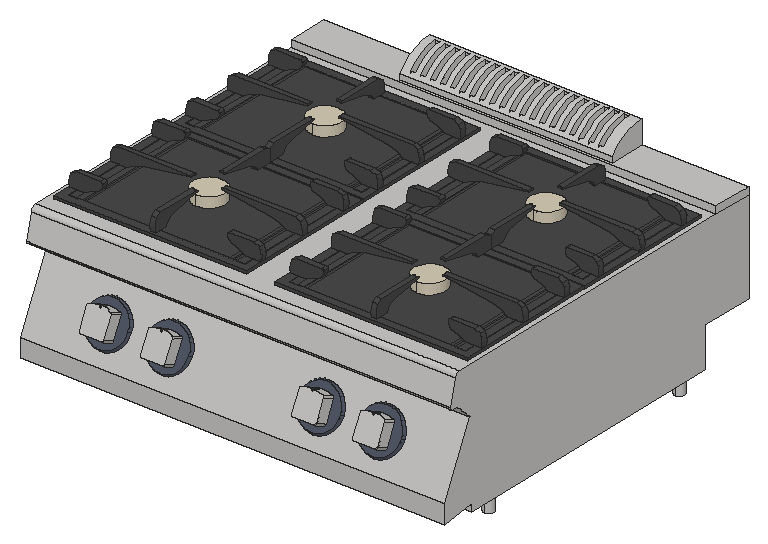
Revit family "QF_ZANUSSI_372147_Z7GCGH4C0A", category Specialty Equipment, Revit 2018
Family settings
  Round Connector Dimension = Use Diameter
  Part Type = Normal
  Work Plane-Based = No
  Always vertical = Yes
  Cut with Voids When Loaded = No
  Shared = No
  Room Calculation Point = No
Parameters (values of type "Standard")
  Weight = 38.00 kg
  Watts = 0 W
  Volts = 0 V
  URL Manufacturer = "http://www.zanussiprofessional.com"
  URL = "http://www.zanussiprofessional.com"
  Steam Supply Size = 0"
  Steam Supply Minimum Pressure = 0.00 psi
  Steam Supply Maximum Pressure = 0.00 psi
  Steam Pounds per Hour = 0
  Show Logo [instance] = yes
  Show Clearance [instance] = yes
  Refrigeration Suction Line Size = 0"
  Refrigeration Liquid Line Size = 0"
  Refrigerant Compressor Remote = yes
  Phase = 0
  Model = "Z7GCGH4C0A"
  Manufacturer = "Zanussi"
  Length Actual = 800 mm  # constant formula
  Item Number = "372147"
  Hot Water Size = 0"
  Height Actual = 250 mm  # constant formula
  HP = "0 HP"
  Gas Size = 1/2"
  Gas KW = 22
  Gas Input Pressure = 0.738606 Btu/h
  Direct Waste Size = 0"
  Description = "4-BURNER GAS BOILING TOP 800 MM (AGA)"
  Depth Actual = 700 mm  # constant formula
  Cycle = 0 Hz
  Condensate Return Size = 0"
  Compressed Air Volume = 0 GPM
  Compressed Air Size = 0"
  Compressed Air Pressure = 0.00 psi
  Cold Water Size = 0"
  Assembly Code = ""
  Accessory = yes
Reference planes
  plane 1 "BACK": y = 0
  plane 2: z = 0
  plane 3 "LEFT": x = 0
  plane 4 "RIGHT": x = 800
  plane 5 "FRONT": y = -715
  plane 6 "TOP": z = 302
  plane 7 "Center Y": x = 400
  plane 8 "Center X": y = -357.5
  plane 9 "Base Height": z = 24
  plane 10: z = 274
  plane 11: z = 332
  plane 12: through (-6096, -654.982, 186.002) normal (0, -0.8956, 0.4448)
Forms (mm)
  Extrusion 1, solid, material "QF_Finishes_Stainless Steel"
    sketch origin (0, 0, 0) x (0, 1, 0) y (0, 0, 1)
      loop
        line (0, 98.613) -> (0, 274.85) -> (-679.358, 274.85)
        arc (-679.358, 274.85) -> (-685.633, 272.251) -> (-688.233, 265.976) r 8.874
        line (-688.233, 265.976) -> (-699.884, 221.036)
        arc (-699.884, 221.036) -> (-699.396, 218.404) -> (-697, 217.209) r 3
        line (-697, 217.209) -> (-686.802, 217.209) -> (-654.982, 185.389) -> (-715, 65.333) -> (-715, 30.333) -> (-654.755, 38.8)
        arc (-654.755, 38.8) -> (-652.231, 38.052) -> (-651.138, 35.656) r 3.175
        line (-651.138, 35.656) -> (-651.138, 24) -> (-103.188, 24) -> (-103.188, 98.613) -> (0, 98.613)
    from 0 to 800
  Extrusion 2, solid, material "QF_Finishes_Stainless Steel"
    sketch origin (0, 0, 0) x (0, 1, 0) y (0, 0, 1)
      loop
        line (0, 274) -> (0, 287.713) -> (-76.2, 287.713) -> (-76.2, 274) -> (0, 274)
    from 0 to 800
  Extrusion 3, solid, material "QF_Finishes_Stainless Steel"
    sketch origin (0, 0, 0) x (1, 0, 0) y (0, 1, 0)
      loop
        circle (11.112, -147.826) r 9.525
      loop
        circle (788.888, -147.826) r 9.525
      loop
        circle (11.112, -598) r 9.525
      loop
        circle (788.888, -598) r 9.525
    from 0 to 23.812
  Extrusion 4, solid, material "QF_Finishes_Clearance", visible <- "Show Clearance", detail levels coarse
    sketch origin (0, 0, 0) x (1, 0, 0) y (0, 1, 0)
      loop
        line (0, -715) -> (0, 0) -> (800, 0) -> (800, -715) -> (900, -715) -> (900, 100) -> (-100, 100) -> (-100, -715) -> (0, -715)
    from 0 to 331.787
  Extrusion 5, void
    sketch origin (234.989, 0, 288.925) x (-1, 0, 0) y (0, -1, 0)
      loop
        line (-335.017, 6.761) -> (-335.017, 63.911) -> (-344.313, 63.911) -> (-344.313, 6.761) -> (-335.017, 6.761)
      loop
        line (-316.325, 6.761) -> (-316.325, 63.911) -> (-325.62, 63.911) -> (-325.62, 6.761) -> (-316.325, 6.761)
      loop
        line (-297.632, 6.761) -> (-297.632, 63.911) -> (-306.928, 63.911) -> (-306.928, 6.761) -> (-297.632, 6.761)
      loop
        line (-278.94, 6.761) -> (-278.94, 63.911) -> (-288.235, 63.911) -> (-288.235, 6.761) -> (-278.94, 6.761)
      loop
        line (-260.247, 6.761) -> (-260.247, 63.911) -> (-269.543, 63.911) -> (-269.543, 6.761) -> (-260.247, 6.761)
      loop
        line (-241.554, 6.761) -> (-241.554, 63.911) -> (-250.85, 63.911) -> (-250.85, 6.761) -> (-241.554, 6.761)
      loop
        line (-222.862, 6.761) -> (-222.862, 63.911) -> (-232.157, 63.911) -> (-232.157, 6.761) -> (-222.862, 6.761)
      loop
        line (-204.169, 6.761) -> (-204.169, 63.911) -> (-213.465, 63.911) -> (-213.465, 6.761) -> (-204.169, 6.761)
      loop
        line (-185.476, 6.761) -> (-185.476, 63.911) -> (-194.772, 63.911) -> (-194.772, 6.761) -> (-185.476, 6.761)
      loop
        line (-166.784, 6.761) -> (-166.784, 63.911) -> (-176.08, 63.911) -> (-176.08, 6.761) -> (-166.784, 6.761)
      loop
        line (-148.091, 6.761) -> (-148.091, 63.911) -> (-157.387, 63.911) -> (-157.387, 6.761) -> (-148.091, 6.761)
      loop
        line (-129.399, 6.761) -> (-129.399, 63.911) -> (-138.694, 63.911) -> (-138.694, 6.761) -> (-129.399, 6.761)
      loop
        line (-110.706, 6.761) -> (-110.706, 63.911) -> (-120.002, 63.911) -> (-120.002, 6.761) -> (-110.706, 6.761)
      loop
        line (-92.013, 6.761) -> (-92.013, 63.911) -> (-101.309, 63.911) -> (-101.309, 6.761) -> (-92.013, 6.761)
      loop
        line (-73.321, 6.761) -> (-73.321, 63.911) -> (-82.617, 63.911) -> (-82.617, 6.761) -> (-73.321, 6.761)
      loop
        line (-54.628, 6.761) -> (-54.628, 63.911) -> (-63.924, 63.911) -> (-63.924, 6.761) -> (-54.628, 6.761)
      loop
        line (-35.936, 6.761) -> (-35.936, 63.911) -> (-45.231, 63.911) -> (-45.231, 6.761) -> (-35.936, 6.761)
      loop
        line (-17.243, 6.761) -> (-17.243, 63.911) -> (-26.539, 63.911) -> (-26.539, 6.761) -> (-17.243, 6.761)
      loop
        line (1.45, 6.761) -> (1.45, 63.911) -> (-7.846, 63.911) -> (-7.846, 6.761) -> (1.45, 6.761)
      loop
        line (20.142, 6.761) -> (20.142, 63.911) -> (10.846, 63.911) -> (10.846, 6.761) -> (20.142, 6.761)
    from 9.525 to 45.348
  Extrusion 6, solid, material "QF_Finishes_Stainless Steel"
    sketch origin (200, 0, 14.288) x (0, 1, 0) y (0, 0, 1)
      loop
        line (0, 273.425) -> (0, 317.712)
        arc (0, 317.712) -> (-39.205, 308.931) -> (-69.85, 282.95) r 84.021
        line (-69.85, 282.95) -> (-69.85, 273.425) -> (0, 273.425)
    from 0 to 400
  Blend 7, solid, material "QF_Finishes_Navy Blue"
    base sketch origin (142.5, -684.991, 125.574) x (1, 0, 0) y (0, 0.444781, 0.895639)
      loop
        circle (0, 0) r 42.5
    top sketch origin (142.5, -684.991, 125.574) x (1, 0, 0) y (0, 0.444781, 0.895639)
      loop
        circle (0, 0) r 40.5
    from 0 to 5
  Extrusion 8, solid, material "QF_Finishes_Stainless Steel"
    sketch origin (142.5, -684.991, 125.574) x (1, 0, 0) y (0, 0.444781, 0.895639)
      loop
        arc (-21.147, 22.789) -> (-22.494, 21.685) -> (-23, 20.019) r 2.997
        line (-23, 20.019) -> (-23, -20.019)
        arc (-23, -20.019) -> (-22.122, -22.138) -> (-20.003, -23.016) r 2.997
        line (-20.003, -23.016) -> (20.003, -23.016)
        arc (20.003, -23.016) -> (22.122, -22.138) -> (23, -20.019) r 2.997
        line (23, -20.019) -> (23, 20.019)
        arc (23, 20.019) -> (22.494, 21.685) -> (21.147, 22.789) r 2.997
        arc (21.147, 22.789) -> (0, 26.984) -> (-21.147, 22.789) r 55.4
    from 10 to 34
  Extrusion 9, solid, material "QF_Plastic-Black-Matte"
    sketch origin (200, -684.991, 125.574) x (0, 0.444781, 0.895639) y (0, -0.895639, 0.444781)
      loop
        line (26.984, 34) -> (26.984, 19) -> (27.984, 19) -> (27.984, 34)
        arc (27.984, 34) -> (27.691, 34.707) -> (26.984, 35) r 1
        line (26.984, 35) -> (23.984, 35) -> (23.984, 34) -> (26.984, 34)
    from -58.5 to -56.5
  Extrusion 10, solid, material "QF_Finishes_Stainless Steel"
    sketch origin (142.5, -684.991, 125.574) x (1, 0, 0) y (0, 0.444781, 0.895639)
      loop
        line (17.5, 17.5) -> (-17.5, 17.5) -> (-17.5, -17.5) -> (17.5, -17.5) -> (17.5, 17.5)
    from 5 to 10
  Extrusion 11, solid, material "QF_Plastic-Black-Matte"
    sketch origin (200, -684.991, 125.574) x (0, 0.444781, 0.895639) y (0, 0.895639, -0.444781)
      loop
        line (26.984, -34) -> (23.984, -34) -> (23.984, -35) -> (26.984, -35)
        arc (26.984, -35) -> (27.691, -34.707) -> (27.984, -34) r 1
        line (27.984, -34) -> (27.984, -19) -> (26.984, -19) -> (26.984, -34)
    from -58.5 to -56.5
  Extrusion 12, solid, material "QF_Finishes_Stainless Steel"
    sketch origin (257.5, -684.991, 125.574) x (-1, 0, 0) y (0, -0.444781, -0.895639)
      loop
        line (17.5, -17.5) -> (17.5, 17.5) -> (-17.5, 17.5) -> (-17.5, -17.5) -> (17.5, -17.5)
    from 5 to 10
  Blend 13, solid, material "QF_Finishes_Navy Blue"
    base sketch origin (257.5, -684.991, 125.574) x (1, 0, 0) y (0, 0.444781, 0.895639)
      loop
        circle (0, 0) r 42.5
    top sketch origin (257.5, -684.991, 125.574) x (1, 0, 0) y (0, 0.444781, 0.895639)
      loop
        circle (0, 0) r 40.5
    from 0 to 5
  Extrusion 14, solid, material "QF_Finishes_Stainless Steel"
    sketch origin (257.5, -684.991, 125.574) x (-1, 0, 0) y (0, -0.444781, -0.895639)
      loop
        arc (-21.147, -22.789) -> (0, -26.984) -> (21.147, -22.789) r 55.4
        arc (21.147, -22.789) -> (22.494, -21.685) -> (23, -20.019) r 2.997
        line (23, -20.019) -> (23, 20.019)
        arc (23, 20.019) -> (22.122, 22.138) -> (20.003, 23.016) r 2.997
        line (20.003, 23.016) -> (-20.003, 23.016)
        arc (-20.003, 23.016) -> (-22.122, 22.138) -> (-23, 20.019) r 2.997
        line (-23, 20.019) -> (-23, -20.019)
        arc (-23, -20.019) -> (-22.494, -21.685) -> (-21.147, -22.789) r 2.997
    from 10 to 34
  Blend 15, solid, material "QF_Finishes_Navy Blue"
    base sketch origin (542.5, -684.991, 125.574) x (1, 0, 0) y (0, 0.444781, 0.895639)
      loop
        circle (0, 0) r 42.5
    top sketch origin (542.5, -684.991, 125.574) x (1, 0, 0) y (0, 0.444781, 0.895639)
      loop
        circle (0, 0) r 40.5
    from 0 to 5
  Extrusion 16, solid, material "QF_Finishes_Stainless Steel"
    sketch origin (542.5, -684.991, 125.574) x (1, 0, 0) y (0, 0.444781, 0.895639)
      loop
        arc (-21.147, 22.789) -> (-22.494, 21.685) -> (-23, 20.019) r 2.997
        line (-23, 20.019) -> (-23, -20.019)
        arc (-23, -20.019) -> (-22.122, -22.138) -> (-20.003, -23.016) r 2.997
        line (-20.003, -23.016) -> (20.003, -23.016)
        arc (20.003, -23.016) -> (22.122, -22.138) -> (23, -20.019) r 2.997
        line (23, -20.019) -> (23, 20.019)
        arc (23, 20.019) -> (22.494, 21.685) -> (21.147, 22.789) r 2.997
        arc (21.147, 22.789) -> (0, 26.984) -> (-21.147, 22.789) r 55.4
    from 10 to 34
  Extrusion 17, solid, material "QF_Plastic-Black-Matte"
    sketch origin (600, -684.991, 125.574) x (0, 0.444781, 0.895639) y (0, -0.895639, 0.444781)
      loop
        line (26.984, 34) -> (26.984, 19) -> (27.984, 19) -> (27.984, 34)
        arc (27.984, 34) -> (27.691, 34.707) -> (26.984, 35) r 1
        line (26.984, 35) -> (23.984, 35) -> (23.984, 34) -> (26.984, 34)
    from -58.5 to -56.5
  Extrusion 18, solid, material "QF_Finishes_Stainless Steel"
    sketch origin (542.5, -684.991, 125.574) x (1, 0, 0) y (0, 0.444781, 0.895639)
      loop
        line (17.5, 17.5) -> (-17.5, 17.5) -> (-17.5, -17.5) -> (17.5, -17.5) -> (17.5, 17.5)
    from 5 to 10
  Extrusion 19, solid, material "QF_Plastic-Black-Matte"
    sketch origin (600, -684.991, 125.574) x (0, 0.444781, 0.895639) y (0, 0.895639, -0.444781)
      loop
        line (26.984, -34) -> (23.984, -34) -> (23.984, -35) -> (26.984, -35)
        arc (26.984, -35) -> (27.691, -34.707) -> (27.984, -34) r 1
        line (27.984, -34) -> (27.984, -19) -> (26.984, -19) -> (26.984, -34)
    from -58.5 to -56.5
  Extrusion 20, solid, material "QF_Finishes_Stainless Steel"
    sketch origin (657.5, -684.991, 125.574) x (-1, 0, 0) y (0, -0.444781, -0.895639)
      loop
        line (17.5, -17.5) -> (17.5, 17.5) -> (-17.5, 17.5) -> (-17.5, -17.5) -> (17.5, -17.5)
    from 5 to 10
  Blend 21, solid, material "QF_Finishes_Navy Blue"
    base sketch origin (657.5, -684.991, 125.574) x (1, 0, 0) y (0, 0.444781, 0.895639)
      loop
        circle (0, 0) r 42.5
    top sketch origin (657.5, -684.991, 125.574) x (1, 0, 0) y (0, 0.444781, 0.895639)
      loop
        circle (0, 0) r 40.5
    from 0 to 5
  Extrusion 22, solid, material "QF_Finishes_Stainless Steel"
    sketch origin (657.5, -684.991, 125.574) x (-1, 0, 0) y (0, -0.444781, -0.895639)
      loop
        arc (-21.147, -22.789) -> (0, -26.984) -> (21.147, -22.789) r 55.4
        arc (21.147, -22.789) -> (22.494, -21.685) -> (23, -20.019) r 2.997
        line (23, -20.019) -> (23, 20.019)
        arc (23, 20.019) -> (22.122, 22.138) -> (20.003, 23.016) r 2.997
        line (20.003, 23.016) -> (-20.003, 23.016)
        arc (-20.003, 23.016) -> (-22.122, 22.138) -> (-23, 20.019) r 2.997
        line (-23, 20.019) -> (-23, -20.019)
        arc (-23, -20.019) -> (-22.494, -21.685) -> (-21.147, -22.789) r 2.997
    from 10 to 34
  Extrusion 23, solid, material "QF_Finishes_Stainless Steel"
    sketch origin (0, 0, 0) x (1, 0, 0) y (0, 0, 1)
      loop
        circle (747, 57) r 6.35
    from 83.2 to 103.2
Cuts and joins
  Extrusion 5 cuts Extrusion 4
  Extrusion 5 cuts Extrusion 6
Lines and regions (mm)
  Split face 1
    outline origin (142.5, -689.469, 127.797) x (1, 0, 0) y (0, 0.444781, 0.895639)
      loop
        circle (-33, 0) r 3
  Split face 2
    outline origin (263.401, -689.469, 127.797) x (1, 0, 0) y (0, 0.444781, 0.895639)
      loop
        line (-8.901, 38.561) -> (-8.901, 28.561) -> (-2.901, 28.561) -> (-2.901, 38.561) -> (-8.901, 38.561)
  Split face 3
    outline origin (263.401, -689.469, 127.797) x (1, 0, 0) y (0, 0.444781, 0.895639)
      loop
        line (-8.401, 38.061) -> (-8.401, 29.061) -> (-3.401, 29.061) -> (-3.401, 38.061) -> (-8.401, 38.061)
  Split face 4
    outline origin (263.401, -689.469, 127.797) x (1, 0, 0) y (0, 0.444781, 0.895639)
      loop
        line (-8.401, 33.561) -> (-3.401, 33.561)
  Split face 5
    outline origin (263.401, -689.469, 127.797) x (1, 0, 0) y (0, 0.444781, 0.895639)
      loop
        line (-8.401, 33.061) -> (-3.401, 33.061)
  Split face 6
    outline origin (148.401, -689.469, 127.797) x (1, 0, 0) y (0, 0.444781, 0.895639)
      loop
        line (-8.901, 38.561) -> (-8.901, 28.561) -> (-2.901, 28.561) -> (-2.901, 38.561) -> (-8.901, 38.561)
  Split face 7
    outline origin (148.401, -689.469, 127.797) x (1, 0, 0) y (0, 0.444781, 0.895639)
      loop
        line (-8.401, 38.061) -> (-8.401, 29.061) -> (-3.401, 29.061) -> (-3.401, 38.061) -> (-8.401, 38.061)
  Split face 8
    outline origin (148.401, -689.469, 127.797) x (1, 0, 0) y (0, 0.444781, 0.895639)
      loop
        line (-8.401, 34.061) -> (-3.401, 34.061)
  Split face 9
    outline origin (148.401, -689.469, 127.797) x (1, 0, 0) y (0, 0.444781, 0.895639)
      loop
        line (-8.401, 33.561) -> (-3.401, 33.561)
  Split face 10
    outline origin (168.157, -675.159, 156.613) x (-1, 0, 0) y (0, -0.444781, -0.895639)
      loop
        circle (43.456, 61.543) r 1.5
  Split face 11
    outline origin (148.401, -689.469, 127.797) x (1, 0, 0) y (0, 0.444781, 0.895639)
      loop
        circle (-5.901, 31.311) r 2.029
  Split face 12
    outline origin (263.401, -689.469, 127.797) x (1, 0, 0) y (0, 0.444781, 0.895639)
      loop
        circle (-5.901, 35.811) r 2.031
  Split face 13
    outline origin (142.5, -689.469, 127.797) x (1, 0, 0) y (0, 0.444781, 0.895639)
      loop
        circle (-24.487, 26.694) r 3.497
  Split face 14
    outline origin (257.5, -689.469, 127.797) x (1, 0, 0) y (0, 0.444781, 0.895639)
      loop
        circle (-24.487, 26.694) r 3.497
  Split face 15
    outline origin (257.5, -689.469, 127.797) x (1, 0, 0) y (0, 0.444781, 0.895639)
      loop
        circle (-33, 0) r 3
  Split face 16
    outline origin (257.5, -689.469, 127.797) x (1, 0, 0) y (0, 0.444781, 0.895639)
      loop
        circle (-17.8, -29.371) r 1.5
  Split face 17
    outline origin (542.5, -689.469, 127.797) x (1, 0, 0) y (0, 0.444781, 0.895639)
      loop
        circle (-33, 0) r 3
  Split face 18
    outline origin (663.401, -689.469, 127.797) x (1, 0, 0) y (0, 0.444781, 0.895639)
      loop
        line (-8.901, 38.561) -> (-8.901, 28.561) -> (-2.901, 28.561) -> (-2.901, 38.561) -> (-8.901, 38.561)
  Split face 19
    outline origin (663.401, -689.469, 127.797) x (1, 0, 0) y (0, 0.444781, 0.895639)
      loop
        line (-8.401, 38.061) -> (-8.401, 29.061) -> (-3.401, 29.061) -> (-3.401, 38.061) -> (-8.401, 38.061)
  Split face 20
    outline origin (663.401, -689.469, 127.797) x (1, 0, 0) y (0, 0.444781, 0.895639)
      loop
        line (-8.401, 33.561) -> (-3.401, 33.561)
  Split face 21
    outline origin (663.401, -689.469, 127.797) x (1, 0, 0) y (0, 0.444781, 0.895639)
      loop
        line (-8.401, 33.061) -> (-3.401, 33.061)
  Split face 22
    outline origin (548.401, -689.469, 127.797) x (1, 0, 0) y (0, 0.444781, 0.895639)
      loop
        line (-8.901, 38.561) -> (-8.901, 28.561) -> (-2.901, 28.561) -> (-2.901, 38.561) -> (-8.901, 38.561)
  Split face 23
    outline origin (548.401, -689.469, 127.797) x (1, 0, 0) y (0, 0.444781, 0.895639)
      loop
        line (-8.401, 38.061) -> (-8.401, 29.061) -> (-3.401, 29.061) -> (-3.401, 38.061) -> (-8.401, 38.061)
  Split face 24
    outline origin (548.401, -689.469, 127.797) x (1, 0, 0) y (0, 0.444781, 0.895639)
      loop
        line (-8.401, 34.061) -> (-3.401, 34.061)
  Split face 25
    outline origin (548.401, -689.469, 127.797) x (1, 0, 0) y (0, 0.444781, 0.895639)
      loop
        line (-8.401, 33.561) -> (-3.401, 33.561)
  Split face 26
    outline origin (568.157, -675.159, 156.613) x (-1, 0, 0) y (0, -0.444781, -0.895639)
      loop
        circle (43.456, 61.543) r 1.5
  Split face 27
    outline origin (548.401, -689.469, 127.797) x (1, 0, 0) y (0, 0.444781, 0.895639)
      loop
        circle (-5.901, 31.311) r 2.029
  Split face 28
    outline origin (663.401, -689.469, 127.797) x (1, 0, 0) y (0, 0.444781, 0.895639)
      loop
        circle (-5.901, 35.811) r 2.031
  Split face 29
    outline origin (542.5, -689.469, 127.797) x (1, 0, 0) y (0, 0.444781, 0.895639)
      loop
        circle (-24.487, 26.694) r 3.497
  Split face 30
    outline origin (657.5, -689.469, 127.797) x (1, 0, 0) y (0, 0.444781, 0.895639)
      loop
        circle (-24.487, 26.694) r 3.497
  Split face 31
    outline origin (657.5, -689.469, 127.797) x (1, 0, 0) y (0, 0.444781, 0.895639)
      loop
        circle (-33, 0) r 3
  Split face 32
    outline origin (657.5, -689.469, 127.797) x (1, 0, 0) y (0, 0.444781, 0.895639)
      loop
        circle (-17.8, -29.371) r 1.5
  symbolic lines
    curve 1: line (0, 0, 0) -> (0, -715.129, 0)
    curve 2: line (800, 0, 0) -> (0, 0, 0)
    curve 3: line (800, -715.129, 0) -> (800, 0, 0)
    curve 4: line (0, -76.2, 0) -> (800, -76.2, 0)
    curve 5: line (0, -69.85, 0) -> (800, -69.85, 0)
    curve 9: line (214.847, -63.911, 0) -> (214.847, -6.761, 0)
    curve 10: line (214.847, -6.761, 0) -> (224.143, -6.761, 0)
    curve 11: line (224.143, -6.761, 0) -> (224.143, -63.911, 0)
    curve 12: line (224.143, -63.911, 0) -> (214.847, -63.911, 0)
    curve 13: line (233.539, -63.911, 0) -> (233.539, -6.761, 0)
    curve 14: line (233.539, -6.761, 0) -> (242.835, -6.761, 0)
    curve 15: line (242.835, -6.761, 0) -> (242.835, -63.911, 0)
    curve 16: line (242.835, -63.911, 0) -> (233.539, -63.911, 0)
    curve 17: line (252.232, -63.911, 0) -> (252.232, -6.761, 0)
    curve 18: line (252.232, -6.761, 0) -> (261.528, -6.761, 0)
    curve 19: line (261.528, -6.761, 0) -> (261.528, -63.911, 0)
    curve 20: line (261.528, -63.911, 0) -> (252.232, -63.911, 0)
    curve 21: line (270.925, -63.911, 0) -> (270.925, -6.761, 0)
    curve 22: line (270.925, -6.761, 0) -> (280.22, -6.761, 0)
    curve 23: line (280.22, -6.761, 0) -> (280.22, -63.911, 0)
    curve 24: line (280.22, -63.911, 0) -> (270.925, -63.911, 0)
    curve 25: line (289.617, -63.911, 0) -> (289.617, -6.761, 0)
    curve 26: line (289.617, -6.761, 0) -> (298.913, -6.761, 0)
    curve 27: line (298.913, -6.761, 0) -> (298.913, -63.911, 0)
    curve 28: line (298.913, -63.911, 0) -> (289.617, -63.911, 0)
    curve 29: line (308.31, -63.911, 0) -> (308.31, -6.761, 0)
    curve 30: line (308.31, -6.761, 0) -> (317.606, -6.761, 0)
    curve 31: line (317.606, -6.761, 0) -> (317.606, -63.911, 0)
    curve 32: line (317.606, -63.911, 0) -> (308.31, -63.911, 0)
    curve 33: line (327.002, -63.911, 0) -> (327.002, -6.761, 0)
    curve 34: line (327.002, -6.761, 0) -> (336.298, -6.761, 0)
    curve 35: line (336.298, -6.761, 0) -> (336.298, -63.911, 0)
    curve 36: line (336.298, -63.911, 0) -> (327.002, -63.911, 0)
    curve 37: line (345.695, -63.911, 0) -> (345.695, -6.761, 0)
    curve 38: line (345.695, -6.761, 0) -> (354.991, -6.761, 0)
    curve 39: line (354.991, -6.761, 0) -> (354.991, -63.911, 0)
    curve 40: line (354.991, -63.911, 0) -> (345.695, -63.911, 0)
    curve 41: line (364.388, -63.911, 0) -> (364.388, -6.761, 0)
    curve 42: line (364.388, -6.761, 0) -> (373.683, -6.761, 0)
    curve 43: line (373.683, -6.761, 0) -> (373.683, -63.911, 0)
    curve 44: line (373.683, -63.911, 0) -> (364.388, -63.911, 0)
    curve 45: line (383.08, -63.911, 0) -> (383.08, -6.761, 0)
    curve 46: line (383.08, -6.761, 0) -> (392.376, -6.761, 0)
    curve 47: line (392.376, -6.761, 0) -> (392.376, -63.911, 0)
    curve 48: line (392.376, -63.911, 0) -> (383.08, -63.911, 0)
    curve 49: line (401.773, -63.911, 0) -> (401.773, -6.761, 0)
    curve 50: line (401.773, -6.761, 0) -> (411.069, -6.761, 0)
    curve 51: line (411.069, -6.761, 0) -> (411.069, -63.911, 0)
    curve 52: line (411.069, -63.911, 0) -> (401.773, -63.911, 0)
    curve 53: line (420.466, -63.911, 0) -> (420.466, -6.761, 0)
    curve 54: line (420.466, -6.761, 0) -> (429.761, -6.761, 0)
    curve 55: line (429.761, -6.761, 0) -> (429.761, -63.911, 0)
    curve 56: line (429.761, -63.911, 0) -> (420.466, -63.911, 0)
    curve 57: line (439.158, -63.911, 0) -> (439.158, -6.761, 0)
    curve 58: line (439.158, -6.761, 0) -> (448.454, -6.761, 0)
    curve 59: line (448.454, -6.761, 0) -> (448.454, -63.911, 0)
    curve 60: line (448.454, -63.911, 0) -> (439.158, -63.911, 0)
    curve 61: line (570.006, -63.911, 0) -> (570.006, -6.761, 0)
    curve 62: line (570.006, -6.761, 0) -> (579.302, -6.761, 0)
    curve 63: line (579.302, -6.761, 0) -> (579.302, -63.911, 0)
    curve 64: line (579.302, -63.911, 0) -> (570.006, -63.911, 0)
    curve 65: line (551.314, -63.911, 0) -> (551.314, -6.761, 0)
    curve 66: line (551.314, -6.761, 0) -> (560.61, -6.761, 0)
    curve 67: line (560.61, -6.761, 0) -> (560.61, -63.911, 0)
    curve 68: line (560.61, -63.911, 0) -> (551.314, -63.911, 0)
    curve 69: line (532.621, -63.911, 0) -> (532.621, -6.761, 0)
    curve 70: line (532.621, -6.761, 0) -> (541.917, -6.761, 0)
    curve 71: line (541.917, -6.761, 0) -> (541.917, -63.911, 0)
    curve 72: line (541.917, -63.911, 0) -> (532.621, -63.911, 0)
    curve 73: line (513.929, -63.911, 0) -> (513.929, -6.761, 0)
    curve 74: line (513.929, -6.761, 0) -> (523.224, -6.761, 0)
    curve 75: line (523.224, -6.761, 0) -> (523.224, -63.911, 0)
    curve 76: line (523.224, -63.911, 0) -> (513.929, -63.911, 0)
    curve 77: line (495.236, -63.911, 0) -> (495.236, -6.761, 0)
    curve 78: line (495.236, -6.761, 0) -> (504.532, -6.761, 0)
    curve 79: line (504.532, -6.761, 0) -> (504.532, -63.911, 0)
    curve 80: line (504.532, -63.911, 0) -> (495.236, -63.911, 0)
    curve 81: line (476.543, -63.911, 0) -> (476.543, -6.761, 0)
    curve 82: line (476.543, -6.761, 0) -> (485.839, -6.761, 0)
    curve 83: line (485.839, -6.761, 0) -> (485.839, -63.911, 0)
    curve 84: line (485.839, -63.911, 0) -> (476.543, -63.911, 0)
    curve 85: line (457.851, -63.911, 0) -> (457.851, -6.761, 0)
    curve 86: line (457.851, -6.761, 0) -> (467.146, -6.761, 0)
    curve 87: line (467.146, -6.761, 0) -> (467.146, -63.911, 0)
    curve 88: line (467.146, -63.911, 0) -> (457.851, -63.911, 0)
    curve 89: line (0, -700, 0) -> (400.05, -700, 0)
    curve 90: line (119.525, -700, 0) -> (119.525, -724.347, 0)
    curve 91: arc (119.525, -724.347, 0) -> (119.671, -724.811, 0) -> (120.057, -725.107, 0) r 0.809
    curve 92: arc (120.057, -725.107, 0) -> (121.245, -725.587, 0) -> (122.522, -725.68, 0) r 4.127
    curve 93: arc (119.525, -704.292, 0) -> (114.484, -702.458, 0) -> (109.716, -700, 0) r 42.24
    curve 94: arc (119.525, -706.539, 0) -> (120.027, -705.818, 0) -> (120.824, -705.448, 0) r 1.682
    curve 95: arc (120.824, -705.448, 0) -> (131.127, -703.95, 0) -> (141.525, -703.441, 0) r 109.079
    curve 96: line (141.525, -700, 0) -> (141.525, -705.671, 0)
    curve 97: line (141.525, -705.671, 0) -> (143.525, -705.671, 0)
    curve 98: line (143.525, -705.671, 0) -> (143.525, -700, 0)
    curve 99: line (165.525, -700, 0) -> (165.525, -724.347, 0)
    curve 100: arc (165.525, -724.347, 0) -> (165.379, -724.811, 0) -> (164.993, -725.107, 0) r 0.809
    curve 101: arc (164.993, -725.107, 0) -> (163.805, -725.587, 0) -> (162.528, -725.68, 0) r 4.127
    curve 102: arc (165.525, -704.292, 0) -> (170.566, -702.458, 0) -> (175.334, -700, 0) r 42.24
    curve 103: arc (165.525, -706.539, 0) -> (165.023, -705.818, 0) -> (164.226, -705.448, 0) r 1.682
    curve 104: arc (164.226, -705.448, 0) -> (153.923, -703.95, 0) -> (143.525, -703.441, 0) r 109.079
    curve 105: line (122.522, -725.68, 0) -> (162.528, -725.68, 0)
    curve 106: line (280.525, -700, 0) -> (280.525, -724.347, 0)
    curve 107: arc (280.525, -724.347, 0) -> (280.379, -724.811, 0) -> (279.993, -725.107, 0) r 0.809
    curve 108: arc (279.993, -725.107, 0) -> (278.805, -725.587, 0) -> (277.528, -725.68, 0) r 4.127
    curve 109: arc (280.525, -704.292, 0) -> (285.566, -702.458, 0) -> (290.334, -700, 0) r 42.24
    curve 110: arc (280.525, -706.539, 0) -> (280.023, -705.818, 0) -> (279.226, -705.448, 0) r 1.682
    curve 111: arc (279.226, -705.448, 0) -> (268.923, -703.95, 0) -> (258.525, -703.441, 0) r 109.079
    curve 112: line (258.525, -700, 0) -> (258.525, -705.671, 0)
    curve 113: line (258.525, -705.671, 0) -> (256.525, -705.671, 0)
    curve 114: line (256.525, -705.671, 0) -> (256.525, -700, 0)
    curve 115: line (234.525, -700, 0) -> (234.525, -724.347, 0)
    curve 116: arc (234.525, -724.347, 0) -> (234.671, -724.811, 0) -> (235.057, -725.107, 0) r 0.809
    curve 117: arc (235.057, -725.107, 0) -> (236.245, -725.587, 0) -> (237.522, -725.68, 0) r 4.127
    curve 118: arc (234.525, -704.292, 0) -> (229.484, -702.458, 0) -> (224.716, -700, 0) r 42.24
    curve 119: arc (234.525, -706.539, 0) -> (235.027, -705.818, 0) -> (235.824, -705.448, 0) r 1.682
    curve 120: arc (235.824, -705.448, 0) -> (246.127, -703.95, 0) -> (256.525, -703.441, 0) r 109.079
    curve 121: line (277.528, -725.68, 0) -> (237.522, -725.68, 0)
    curve 122: line (165.525, -715, 0) -> (234.525, -715, 0)
    curve 123: line (280.525, -715, 0) -> (400.05, -715, 0)
    curve 124: line (0, -715, 0) -> (119.525, -715, 0)
    curve 125: line (400.05, -700, 0) -> (800.05, -700, 0)
    curve 126: line (519.525, -700, 0) -> (519.525, -724.347, 0)
    curve 127: arc (519.525, -724.347, 0) -> (519.671, -724.811, 0) -> (520.057, -725.107, 0) r 0.809
    curve 128: arc (520.057, -725.107, 0) -> (521.245, -725.587, 0) -> (522.522, -725.68, 0) r 4.127
    curve 129: arc (519.525, -704.292, 0) -> (514.484, -702.458, 0) -> (509.716, -700, 0) r 42.24
    curve 130: arc (519.525, -706.539, 0) -> (520.027, -705.818, 0) -> (520.824, -705.448, 0) r 1.682
    curve 131: arc (520.824, -705.448, 0) -> (531.127, -703.95, 0) -> (541.525, -703.441, 0) r 109.079
    curve 132: line (541.525, -700, 0) -> (541.525, -705.671, 0)
    curve 133: line (541.525, -705.671, 0) -> (543.525, -705.671, 0)
    curve 134: line (543.525, -705.671, 0) -> (543.525, -700, 0)
    curve 135: line (565.525, -700, 0) -> (565.525, -724.347, 0)
    curve 136: arc (565.525, -724.347, 0) -> (565.379, -724.811, 0) -> (564.993, -725.107, 0) r 0.809
    curve 137: arc (564.993, -725.107, 0) -> (563.805, -725.587, 0) -> (562.528, -725.68, 0) r 4.127
    curve 138: arc (565.525, -704.292, 0) -> (570.566, -702.458, 0) -> (575.334, -700, 0) r 42.24
    curve 139: arc (565.525, -706.539, 0) -> (565.023, -705.818, 0) -> (564.226, -705.448, 0) r 1.682
    curve 140: arc (564.226, -705.448, 0) -> (553.923, -703.95, 0) -> (543.525, -703.441, 0) r 109.079
    curve 141: line (522.522, -725.68, 0) -> (562.528, -725.68, 0)
    curve 142: line (680.525, -700, 0) -> (680.525, -724.347, 0)
    curve 143: arc (680.525, -724.347, 0) -> (680.379, -724.811, 0) -> (679.993, -725.107, 0) r 0.809
    curve 144: arc (679.993, -725.107, 0) -> (678.805, -725.587, 0) -> (677.528, -725.68, 0) r 4.127
    curve 145: arc (680.525, -704.292, 0) -> (685.566, -702.458, 0) -> (690.334, -700, 0) r 42.24
    curve 146: arc (680.525, -706.539, 0) -> (680.023, -705.818, 0) -> (679.226, -705.448, 0) r 1.682
    curve 147: arc (679.226, -705.448, 0) -> (668.923, -703.95, 0) -> (658.525, -703.441, 0) r 109.079
    curve 148: line (658.525, -700, 0) -> (658.525, -705.671, 0)
    curve 149: line (658.525, -705.671, 0) -> (656.525, -705.671, 0)
    curve 150: line (656.525, -705.671, 0) -> (656.525, -700, 0)
    curve 151: line (634.525, -700, 0) -> (634.525, -724.347, 0)
    curve 152: arc (634.525, -724.347, 0) -> (634.671, -724.811, 0) -> (635.057, -725.107, 0) r 0.809
    curve 153: arc (635.057, -725.107, 0) -> (636.245, -725.587, 0) -> (637.522, -725.68, 0) r 4.127
    curve 154: arc (634.525, -704.292, 0) -> (629.484, -702.458, 0) -> (624.716, -700, 0) r 42.24
    curve 155: arc (634.525, -706.539, 0) -> (635.027, -705.818, 0) -> (635.824, -705.448, 0) r 1.682
    curve 156: arc (635.824, -705.448, 0) -> (646.127, -703.95, 0) -> (656.525, -703.441, 0) r 109.079
    curve 157: line (677.528, -725.68, 0) -> (637.522, -725.68, 0)
    curve 158: line (565.525, -715, 0) -> (634.525, -715, 0)
    curve 159: line (680.525, -715, 0) -> (800.05, -715, 0)
    curve 160: line (400.05, -715, 0) -> (519.525, -715, 0)
  symbolic lines, style "QF-Clearances", visible <- "Show Clearance", detail levels coarse
    curve 6: line (-100, -715, 0) -> (-100, 100, 0)
    curve 7: line (-100, 100, 0) -> (900, 100, 0)
    curve 8: line (900, 100, 0) -> (900, -715, 0)
Dimensions and locks
  equal spacing: plane 3 "LEFT", plane 7 "Center Y", plane 4 "RIGHT"
  plane 3 "LEFT" to plane 4 "RIGHT" = 800 mm
  equal spacing: plane 5 "FRONT", plane 8 "Center X", plane 1 "BACK"
  plane 5 "FRONT" to plane 1 "BACK" = 715 mm
  plane 9 "Base Height" to level = 24 mm
  plane 10 to plane 9 "Base Height" = 250 mm
  plane 6 "TOP" to plane 10 = 28 mm
  plane 11 to level = 332 mm
  aligned and locked: level to plane 2
Automatic sketch dimensions
  Extrusion 2 sketch curve to plane 10 = 0 mm
  Extrusion 2 sketch curve to plane 1 "BACK" = 0 mm
  Extrusion 2 sketch curve to plane 6 "TOP" = 14.287 mm
  plane 1 "BACK" to Extrusion 2 sketch curve = 76.2 mm
  plane 5 "FRONT" to Extrusion 4 sketch curve = 0 mm  (x2)
  plane 1 "BACK" to Extrusion 4 sketch curve = 0 mm
  Extrusion 4 sketch curve to plane 3 "LEFT" = 0 mm
  Extrusion 4 sketch curve to plane 4 "RIGHT" = 0 mm
  Extrusion 4 sketch curve to plane 3 "LEFT" = 100 mm
  plane 4 "RIGHT" to Extrusion 4 sketch curve = 100 mm
  Extrusion 4 sketch curve to plane 1 "BACK" = 100 mm
  plane 1 "BACK" to Extrusion 5 sketch curve = 6.761 mm  (x20)
  plane 7 "Center Y" to Extrusion 5 sketch curve = 179.302 mm
  Extrusion 5 sketch curve to Extrusion 5 sketch curve = 9.296 mm  (x19)
  Extrusion 5 sketch curve to Extrusion 5 sketch curve = 9.397 mm  (x18)
  plane 7 "Center Y" to Extrusion 5 sketch curve = 1.773 mm
  Extrusion 5 sketch curve to plane 7 "Center Y" = 7.624 mm
  Extrusion 5 sketch curve to Extrusion 5 sketch curve = 57.15 mm
  Extrusion 5 sketch curve to Extrusion 5 sketch curve = 0 mm  (x19)
  Extrusion 6 sketch curve to plane 1 "BACK" = 0 mm
  Extrusion 6 sketch curve to plane 11 = 0 mm
  plane 1 "BACK" to Extrusion 6 sketch curve = 1.769 mm
  Extrusion 6 sketch curve to plane 6 "TOP" = 4.763 mm
  plane 1 "BACK" to Extrusion 6 sketch curve = 69.85 mm
  Extrusion 6 sketch curve to plane 6 "TOP" = 14.287 mm
  plane 1 "BACK" to Extrusion 1 sketch curve = 103.188 mm
  Extrusion 1 sketch curve to plane 5 "FRONT" = 63.862 mm
  Extrusion 1 sketch curve to Extrusion 1 sketch curve = 3.175 mm
  Extrusion 1 sketch curve to Extrusion 1 sketch curve = 0.442 mm
  Extrusion 1 sketch curve to plane 10 = 88.611 mm
  Extrusion 1 sketch curve to plane 5 "FRONT" = 60.018 mm
  Extrusion 1 sketch curve to plane 11 = 57.15 mm
  Extrusion 1 sketch curve to plane 5 "FRONT" = 35.642 mm
  Extrusion 1 sketch curve to plane 10 = 56.791 mm
  Extrusion 1 sketch curve to Extrusion 1 sketch curve = 31.82 mm
  Extrusion 1 sketch curve to plane 6 "TOP" = 36.024 mm
  Extrusion 1 sketch curve to Extrusion 1 sketch curve = 10.198 mm
  Extrusion 1 sketch curve to plane 10 = 52.964 mm
  Extrusion 1 sketch curve to Extrusion 1 sketch curve = 2.884 mm
  Extrusion 1 sketch curve to plane 5 "FRONT" = 0 mm
  Extrusion 1 sketch curve to plane 1 "BACK" = 0 mm
  plane 9 "Base Height" to Extrusion 1 sketch curve = 0 mm
  plane 9 "Base Height" to Extrusion 1 sketch curve = 6.333 mm
  Extrusion 1 sketch curve to Extrusion 1 sketch curve = 11.656 mm
  Extrusion 1 sketch curve to Extrusion 1 sketch curve = 35 mm
  Extrusion 1 sketch curve to Extrusion 1 sketch curve = 74.613 mm
  Extrusion 8 sketch curve to Extrusion 8 sketch curve = 2.997 mm  (x4)
  Extrusion 8 sketch curve to Extrusion 8 sketch curve = 20.003 mm  (x2)
  Extrusion 8 sketch curve to Extrusion 8 sketch curve = 0 mm  (x2)
  Extrusion 9 sketch curve to Extrusion 9 sketch curve = 3 mm
  Extrusion 9 sketch curve to Extrusion 9 sketch curve = 0 mm  (x2)
  Extrusion 9 sketch curve to Extrusion 9 sketch curve = 1 mm
  Extrusion 10 sketch curve to Extrusion 10 sketch curve = 35 mm  (x2)
  Extrusion 11 sketch curve to Extrusion 11 sketch curve = 3 mm
  Extrusion 11 sketch curve to Extrusion 11 sketch curve = 0 mm
  Extrusion 11 sketch curve to Extrusion 11 sketch curve = 1 mm  (x2)
  Extrusion 12 sketch curve to Extrusion 12 sketch curve = 35 mm  (x2)
  Extrusion 14 sketch curve to Extrusion 14 sketch curve = 2.997 mm  (x4)
  Extrusion 14 sketch curve to Extrusion 14 sketch curve = 20.003 mm  (x2)
  Extrusion 14 sketch curve to Extrusion 14 sketch curve = 0 mm  (x2)
  Extrusion 8 sketch curve to Extrusion 8 sketch curve = 5.399 mm
  Extrusion 8 sketch curve to Extrusion 8 sketch curve = 40.037 mm
  Extrusion 9 sketch curve to Extrusion 9 sketch curve = 15 mm
  Extrusion 11 sketch curve to Extrusion 11 sketch curve = 15 mm
  Extrusion 14 sketch curve to Extrusion 14 sketch curve = 5.399 mm
  Extrusion 14 sketch curve to Extrusion 14 sketch curve = 40.037 mm
  Split face 2 sketch curve to Split face 2 sketch curve = 6 mm
  Split face 2 sketch curve to Split face 2 sketch curve = 10 mm
  Split face 3 sketch curve to Split face 3 sketch curve = 5 mm
  Split face 3 sketch curve to Split face 3 sketch curve = 9 mm
  Split face 4 sketch curve to Split face 4 sketch curve = 5 mm
  Split face 5 sketch curve to Split face 5 sketch curve = 5 mm
  Split face 6 sketch curve to Split face 6 sketch curve = 6 mm
  Split face 6 sketch curve to Split face 6 sketch curve = 10 mm
  Split face 7 sketch curve to Split face 7 sketch curve = 5 mm
  Split face 7 sketch curve to Split face 7 sketch curve = 9 mm
  Split face 8 sketch curve to Split face 8 sketch curve = 5 mm
  Split face 9 sketch curve to Split face 9 sketch curve = 5 mm
  Extrusion 16 sketch curve to Extrusion 16 sketch curve = 2.997 mm  (x4)
  Extrusion 16 sketch curve to Extrusion 16 sketch curve = 20.003 mm  (x2)
  Extrusion 16 sketch curve to Extrusion 16 sketch curve = 0 mm  (x2)
  Extrusion 17 sketch curve to Extrusion 17 sketch curve = 3 mm
  Extrusion 17 sketch curve to Extrusion 17 sketch curve = 0 mm  (x2)
  Extrusion 17 sketch curve to Extrusion 17 sketch curve = 1 mm
  Extrusion 18 sketch curve to Extrusion 18 sketch curve = 35 mm  (x2)
  Extrusion 19 sketch curve to Extrusion 19 sketch curve = 3 mm
  Extrusion 19 sketch curve to Extrusion 19 sketch curve = 0 mm
  Extrusion 19 sketch curve to Extrusion 19 sketch curve = 1 mm  (x2)
  Extrusion 20 sketch curve to Extrusion 20 sketch curve = 35 mm  (x2)
  Extrusion 22 sketch curve to Extrusion 22 sketch curve = 2.997 mm  (x4)
  Extrusion 22 sketch curve to Extrusion 22 sketch curve = 20.003 mm  (x2)
  Extrusion 22 sketch curve to Extrusion 22 sketch curve = 0 mm  (x2)
  Extrusion 16 sketch curve to Extrusion 16 sketch curve = 5.399 mm
  Extrusion 16 sketch curve to Extrusion 16 sketch curve = 40.037 mm
  Extrusion 17 sketch curve to Extrusion 17 sketch curve = 15 mm
  Extrusion 19 sketch curve to Extrusion 19 sketch curve = 15 mm
  Extrusion 22 sketch curve to Extrusion 22 sketch curve = 5.399 mm
  Extrusion 22 sketch curve to Extrusion 22 sketch curve = 40.037 mm
  Split face 18 sketch curve to Split face 18 sketch curve = 6 mm
  Split face 18 sketch curve to Split face 18 sketch curve = 10 mm
  Split face 19 sketch curve to Split face 19 sketch curve = 5 mm
  Split face 19 sketch curve to Split face 19 sketch curve = 9 mm
  Split face 20 sketch curve to Split face 20 sketch curve = 5 mm
  Split face 21 sketch curve to Split face 21 sketch curve = 5 mm
  Split face 22 sketch curve to Split face 22 sketch curve = 6 mm
  Split face 22 sketch curve to Split face 22 sketch curve = 10 mm
  Split face 23 sketch curve to Split face 23 sketch curve = 5 mm
  Split face 23 sketch curve to Split face 23 sketch curve = 9 mm
  Split face 24 sketch curve to Split face 24 sketch curve = 5 mm
  Split face 25 sketch curve to Split face 25 sketch curve = 5 mm
  plane 3 "LEFT" to Extrusion 3 sketch curve = 11.112 mm  (x2)
  Extrusion 3 sketch curve to plane 4 "RIGHT" = 11.112 mm  (x2)
  Extrusion 3 sketch curve to plane 5 "FRONT" = 117 mm  (x2)
  plane 1 "BACK" to Extrusion 3 sketch curve = 147.826 mm  (x2)
  Extrusion 3 sketch curve to Extrusion 3 sketch curve = 9.525 mm  (x4)
  plane 3 "LEFT" to Blend 7 sketch curve = 142.5 mm  (x2)
  plane 3 "LEFT" to Extrusion 8 sketch curve = 119.5 mm
  plane 12 to Extrusion 9 sketch curve = 35 mm
  Extrusion 9 sketch curve to plane 5 "FRONT" = 9.329 mm
  plane 3 "LEFT" to Extrusion 10 sketch curve = 125 mm
  plane 12 to Extrusion 11 sketch curve = 35 mm
  Extrusion 11 sketch curve to plane 5 "FRONT" = 9.329 mm
  Extrusion 12 sketch curve to plane 7 "Center Y" = 125 mm
  Blend 13 sketch curve to plane 7 "Center Y" = 142.5 mm  (x2)
  Extrusion 14 sketch curve to plane 7 "Center Y" = 119.5 mm
  plane 7 "Center Y" to Blend 15 sketch curve = 142.5 mm  (x2)
  plane 7 "Center Y" to Extrusion 16 sketch curve = 119.5 mm
  plane 12 to Extrusion 17 sketch curve = 35 mm
  Extrusion 17 sketch curve to plane 5 "FRONT" = 9.329 mm
  plane 7 "Center Y" to Extrusion 18 sketch curve = 125 mm
  plane 12 to Extrusion 19 sketch curve = 35 mm
  Extrusion 19 sketch curve to plane 5 "FRONT" = 9.329 mm
  Extrusion 20 sketch curve to plane 4 "RIGHT" = 125 mm
  Blend 21 sketch curve to plane 4 "RIGHT" = 142.5 mm  (x2)
  Extrusion 22 sketch curve to plane 4 "RIGHT" = 119.5 mm
  Extrusion 23 sketch curve to plane 4 "RIGHT" = 53 mm
  plane 9 "Base Height" to Extrusion 23 sketch curve = 33 mm
  plane 5 "FRONT" to curve 6 = 0 mm
  plane 1 "BACK" to curve 2 = 0 mm
  curve 2 to plane 3 "LEFT" = 0 mm
  curve 3 to plane 4 "RIGHT" = 0 mm
  plane 5 "FRONT" to curve 8 = 0 mm
  curve 7 to plane 3 "LEFT" = 100 mm
  plane 3 "LEFT" to curve 90 = 119.525 mm
  curve 91 to curve 91 = 0.809 mm
  curve 94 to curve 94 = 1.583 mm
  curve 91 to curve 92 = 1.846 mm
  curve 91 to curve 105 = 2.189 mm
  curve 90 to curve 93 = 11.892 mm
  curve 94 to curve 97 = 20.417 mm
  curve 92 to curve 95 = 19.134 mm
  curve 95 to curve 104 = 1.738 mm
  curve 96 to curve 98 = 2 mm
  curve 93 to curve 102 = 22.215 mm
  curve 97 to curve 105 = 19.003 mm
  curve 101 to curve 101 = 0.343 mm
  curve 101 to curve 103 = 1.071 mm
  curve 105 to curve 100 = 2.189 mm
  curve 100 to curve 99 = 0.809 mm
  plane 1 "BACK" to curve 10 = 6.761 mm
  curve 10 to plane 7 "Center Y" = 185.153 mm
  curve 9 to curve 10 = 9.296 mm
  curve 10 to curve 13 = 9.397 mm
  curve 99 to curve 115 = 69 mm
  curve 116 to curve 116 = 0.809 mm
  curve 119 to curve 119 = 1.583 mm
  curve 116 to curve 117 = 1.846 mm
  curve 116 to curve 121 = 2.189 mm
  curve 13 to curve 15 = 9.296 mm
  curve 115 to curve 118 = 11.892 mm
  curve 15 to curve 17 = 9.397 mm
  curve 119 to curve 114 = 20.417 mm
  curve 117 to curve 120 = 19.134 mm
  curve 120 to curve 111 = 1.738 mm
  curve 113 to curve 112 = 2 mm
  curve 17 to curve 20 = 9.296 mm
  curve 118 to curve 109 = 22.215 mm
  curve 19 to curve 24 = 9.397 mm
  curve 112 to curve 121 = 19.003 mm
  curve 108 to curve 108 = 0.343 mm
  curve 108 to curve 110 = 1.071 mm
  curve 121 to curve 107 = 2.189 mm
  curve 21 to curve 23 = 9.296 mm
  curve 107 to curve 106 = 0.809 mm
  curve 23 to curve 28 = 9.397 mm
  curve 25 to curve 27 = 9.296 mm
  curve 27 to curve 32 = 9.397 mm
  curve 29 to curve 31 = 9.296 mm
  curve 30 to curve 33 = 9.397 mm
  curve 33 to curve 36 = 9.296 mm
  curve 34 to curve 38 = 9.397 mm
  curve 37 to curve 39 = 9.296 mm
  curve 39 to curve 41 = 9.397 mm
  curve 41 to curve 43 = 9.296 mm
  curve 43 to curve 45 = 9.397 mm
  curve 46 to plane 7 "Center Y" = 7.624 mm
  plane 7 "Center Y" to curve 125 = 0.05 mm
  plane 7 "Center Y" to curve 123 = 0.05 mm
  plane 7 "Center Y" to curve 49 = 1.773 mm
  curve 49 to curve 52 = 9.296 mm
  curve 50 to curve 54 = 9.397 mm
  curve 53 to curve 54 = 9.296 mm
  curve 55 to curve 57 = 9.397 mm
  curve 57 to curve 59 = 9.296 mm
  curve 58 to curve 86 = 9.397 mm
  curve 85 to curve 86 = 9.296 mm
  curve 86 to curve 82 = 9.397 mm
  curve 81 to curve 82 = 9.296 mm
  curve 82 to curve 78 = 9.397 mm
  curve 77 to curve 78 = 9.296 mm
  curve 78 to curve 74 = 9.397 mm
  plane 7 "Center Y" to curve 126 = 119.525 mm
  curve 127 to curve 127 = 0.809 mm
  curve 130 to curve 130 = 1.583 mm
  curve 127 to curve 128 = 1.846 mm
  curve 127 to curve 141 = 2.189 mm
  curve 73 to curve 75 = 9.296 mm
  curve 126 to curve 129 = 11.892 mm
  curve 74 to curve 69 = 9.397 mm
  curve 130 to curve 133 = 20.417 mm
  curve 128 to curve 131 = 19.134 mm
  curve 69 to curve 71 = 9.296 mm
  curve 131 to curve 140 = 1.738 mm
  curve 132 to curve 134 = 2 mm
  curve 70 to curve 65 = 9.397 mm
  curve 129 to curve 138 = 22.215 mm
  curve 65 to curve 67 = 9.296 mm
  curve 133 to curve 141 = 19.003 mm
  curve 137 to curve 137 = 0.343 mm
  curve 137 to curve 139 = 1.071 mm
  curve 137 to curve 136 = 2.189 mm
  curve 136 to curve 135 = 0.809 mm
  curve 67 to curve 64 = 9.397 mm
  curve 61 to curve 64 = 9.296 mm
  curve 135 to curve 151 = 69 mm
  curve 151 to curve 152 = 0.809 mm
  curve 155 to curve 155 = 1.583 mm
  curve 152 to curve 153 = 1.846 mm
  curve 152 to curve 157 = 2.189 mm
  curve 151 to curve 154 = 11.892 mm
  curve 155 to curve 149 = 20.417 mm
  curve 153 to curve 156 = 19.134 mm
  curve 156 to curve 147 = 1.738 mm
  curve 149 to curve 148 = 2 mm
  curve 154 to curve 145 = 22.215 mm
  curve 148 to curve 157 = 19.003 mm
  curve 144 to curve 144 = 0.343 mm
  curve 144 to curve 146 = 1.071 mm
  curve 144 to curve 143 = 2.189 mm
  curve 143 to curve 142 = 0.809 mm
  plane 4 "RIGHT" to curve 7 = 100 mm
  curve 93 to plane 5 "FRONT" = 51.239 mm
  curve 145 to plane 5 "FRONT" = 51.239 mm
  curve 93 to curve 102 = 0 mm
  curve 129 to plane 5 "FRONT" = 51.239 mm
  curve 109 to plane 5 "FRONT" = 51.239 mm
  curve 129 to curve 138 = 0 mm
  curve 118 to curve 109 = 0 mm
  curve 154 to curve 145 = 0 mm
  curve 89 to plane 5 "FRONT" = 15 mm
  curve 97 to curve 96 = 5.671 mm
  curve 134 to curve 134 = 5.671 mm
  curve 150 to curve 150 = 5.671 mm
  curve 112 to curve 112 = 5.671 mm
  curve 94 to curve 90 = 7.106 mm
  curve 103 to curve 99 = 7.106 mm
  curve 130 to curve 126 = 7.106 mm
  curve 146 to curve 142 = 7.106 mm
  curve 119 to curve 115 = 7.106 mm
  curve 110 to curve 106 = 7.106 mm
  curve 139 to curve 135 = 7.106 mm
  curve 155 to curve 151 = 7.106 mm
  curve 160 to curve 125 = 15 mm
  curve 101 to curve 103 = 14.462 mm
  curve 128 to curve 160 = 6.567 mm
  curve 137 to curve 139 = 14.462 mm
  curve 144 to curve 146 = 14.462 mm
  curve 153 to curve 155 = 14.462 mm
  curve 92 to curve 94 = 14.462 mm
  curve 117 to curve 119 = 14.462 mm
  curve 108 to curve 123 = 6.567 mm
  curve 91 to curve 92 = 2.779 mm
  curve 107 to curve 108 = 2.779 mm
  curve 99 to curve 101 = 2.779 mm
  curve 115 to curve 117 = 2.779 mm
  curve 152 to curve 153 = 2.779 mm
  curve 143 to curve 144 = 2.779 mm
  curve 136 to curve 137 = 2.779 mm
  curve 126 to curve 128 = 2.779 mm
  curve 121 to curve 116 = 1.333 mm
  curve 105 to curve 100 = 1.333 mm
  curve 141 to curve 136 = 1.333 mm
  curve 157 to curve 152 = 1.333 mm
  curve 156 to curve 153 = 86.839 mm
  curve 120 to curve 117 = 86.839 mm
  curve 95 to curve 92 = 86.839 mm
  curve 120 to curve 111 = 0 mm  (x2)
  curve 95 to curve 104 = 0 mm  (x2)
  curve 140 to curve 137 = 86.839 mm
  curve 156 to curve 147 = 0 mm  (x2)
  curve 131 to curve 140 = 0 mm  (x2)
  curve 17 to curve 10 = 57.15 mm
  plane 1 "BACK" to curve 80 = 63.911 mm
  curve 13 to curve 17 = 0 mm
  curve 12 to curve 13 = 0 mm
  curve 79 to curve 76 = 0 mm
  plane 1 "BACK" to curve 41 = 63.911 mm
  curve 37 to curve 41 = 0 mm
  curve 36 to curve 37 = 0 mm
  curve 75 to curve 72 = 0 mm
  curve 81 to curve 77 = 0 mm
  curve 71 to curve 68 = 0 mm
  curve 67 to curve 64 = 0 mm
  curve 32 to curve 33 = 0 mm
  curve 60 to curve 81 = 0 mm
  curve 56 to curve 57 = 0 mm
  curve 59 to curve 85 = 0 mm
  curve 52 to curve 53 = 0 mm
  curve 28 to curve 29 = 0 mm
  curve 43 to curve 48 = 0 mm
  curve 19 to curve 24 = 0 mm
  plane 1 "BACK" to curve 21 = 6.761 mm
  plane 1 "BACK" to curve 19 = 6.761 mm
  plane 1 "BACK" to curve 25 = 6.761 mm
  plane 1 "BACK" to curve 29 = 6.761 mm
  plane 1 "BACK" to curve 43 = 6.761 mm
  plane 1 "BACK" to curve 33 = 6.761 mm
  plane 1 "BACK" to curve 37 = 6.761 mm
  plane 1 "BACK" to curve 15 = 6.761 mm
  plane 1 "BACK" to curve 87 = 6.761 mm
  plane 1 "BACK" to curve 83 = 6.761 mm
  plane 1 "BACK" to curve 79 = 6.761 mm
  plane 1 "BACK" to curve 75 = 6.761 mm
  plane 1 "BACK" to curve 71 = 6.761 mm
  plane 1 "BACK" to curve 67 = 6.761 mm
  plane 1 "BACK" to curve 63 = 6.761 mm
  plane 1 "BACK" to curve 59 = 6.761 mm
  plane 1 "BACK" to curve 55 = 6.761 mm
  plane 1 "BACK" to curve 51 = 6.761 mm
  plane 1 "BACK" to curve 47 = 6.761 mm
  curve 7 to plane 1 "BACK" = 100 mm
  curve 93 to curve 90 = 9.809 mm
  curve 94 to curve 94 = 0.284 mm
  curve 103 to curve 103 = 0.284 mm
  curve 99 to curve 102 = 9.809 mm
  curve 118 to curve 115 = 9.809 mm
  curve 119 to curve 119 = 0.284 mm
  curve 110 to curve 110 = 0.284 mm
  curve 106 to curve 109 = 9.809 mm
  curve 129 to curve 126 = 9.809 mm
  curve 131 to curve 130 = 0.284 mm
  curve 139 to curve 139 = 0.284 mm
  curve 135 to curve 138 = 9.809 mm
  curve 154 to curve 151 = 9.809 mm
  curve 156 to curve 155 = 0.284 mm
  curve 146 to curve 146 = 0.284 mm
  curve 142 to curve 145 = 9.809 mm
  plane 4 "RIGHT" to curve 159 = 0.05 mm
  plane 4 "RIGHT" to curve 125 = 0.05 mm
  plane 5 "FRONT" to curve 3 = 0.129 mm
  plane 5 "FRONT" to curve 1 = 0.129 mm
  curve 133 to curve 140 = 2.23 mm
  curve 148 to curve 147 = 2.23 mm
  curve 97 to curve 104 = 2.23 mm
  curve 113 to curve 120 = 2.23 mm
  curve 92 to curve 124 = 6.567 mm
  curve 159 to curve 125 = 15 mm
  curve 101 to curve 122 = 6.567 mm
  curve 153 to curve 158 = 6.567 mm
  curve 4 to curve 1 = 76.2 mm
  curve 4 to curve 5 = 6.35 mm
  radius of Blend 7 sketch curve = 42.5 mm
  radius of Blend 7 sketch curve = 40.5 mm
  radius of Blend 13 sketch curve = 42.5 mm
  radius of Blend 13 sketch curve = 40.5 mm
  radius of Split face 1 sketch curve = 3 mm
  radius of Split face 10 sketch curve = 1.5 mm
  radius of Split face 11 sketch curve = 2.029 mm
  radius of Split face 12 sketch curve = 2.031 mm
  radius of Split face 13 sketch curve = 3.497 mm
  radius of Split face 14 sketch curve = 3.497 mm
  radius of Split face 15 sketch curve = 3 mm
  radius of Split face 16 sketch curve = 1.5 mm
  radius of Blend 15 sketch curve = 42.5 mm
  radius of Blend 15 sketch curve = 40.5 mm
  radius of Blend 21 sketch curve = 42.5 mm
  radius of Blend 21 sketch curve = 40.5 mm
  radius of Split face 17 sketch curve = 3 mm
  radius of Split face 26 sketch curve = 1.5 mm
  radius of Split face 27 sketch curve = 2.029 mm
  radius of Split face 28 sketch curve = 2.031 mm
  radius of Split face 29 sketch curve = 3.497 mm
  radius of Split face 30 sketch curve = 3.497 mm
  radius of Split face 31 sketch curve = 3 mm
  radius of Split face 32 sketch curve = 1.5 mm
  radius of Extrusion 23 sketch curve = 6.35 mm
Nested families
  nested 1: "QF_372001_BURNER" at (4.358, -6.2, -576.213), type "QF_372001_BURNER"
    with Type Mark "", Status "", Specification by User "", Revision Code "", Item Number "", Installed By "", Identify Quantity as Lot yes, Furnished By "", Foodservice Equipment Identifier yes
  nested 2: "QF_372001_BURNER" at (4.358, -740.327, -576.213), type "QF_372001_BURNER"
    with Type Mark "", Status "", Specification by User "", Revision Code "", Item Number "", Installed By "", Identify Quantity as Lot yes, Furnished By "", Foodservice Equipment Identifier yes
  nested 3: "QF_372001_BURNER" at (420.642, -6.2, -576.213), type "QF_372001_BURNER"
    with Type Mark "", Status "", Specification by User "", Revision Code "", Item Number "", Installed By "", Identify Quantity as Lot yes, Furnished By "", Foodservice Equipment Identifier yes
  nested 4: "QF_372001_BURNER" at (420.642, -740.327, -576.213), type "QF_372001_BURNER"
    with Type Mark "", Status "", Specification by User "", Revision Code "", Item Number "", Installed By "", Identify Quantity as Lot yes, Furnished By "", Foodservice Equipment Identifier yes
Connectors
  piping at (747, -83.2, 57), diameter 12.7
    settings: on Extrusion 23, index 1, connector inside diameter 24", connector length 0 mm, flow factor 0, pipe flow 0 GPM, pressure drop 0.00 psi, fitting loss kfactor 0, connector angle 0.00°, fixture units 0, engagement length 0 mm, angle of deflection 0.00°, flow configuration 1, flow direction 1, fitting loss method 0, system type 7, joint type 0, gender type 0, connector reference index -1, connector utility 0, adjustable connector no, is connector primary yes, connector description "Gas Connector"
Definition of nested family "QF_372001_BURNER"
  Parameters
    Weight in Pounds = 0
    URL Cutsheet = ""
    URL = "www.electrolux.com"
    Type Mark [instance] = ""
    Status [instance] = ""
    Specification by User [instance] = ""
    Specification by Manufacturer = ""
    Serial Number = ""
    Seismic Rating = ""
    SMACNA No = ""
    Revision Code [instance] = ""
    Omniclass Number and Title = ""
    NAFEM Spec ID Number = ""
    Model = "371009"
    Masterspec = ""
    Manufacturer = "ELECTROLUX"
    Item Number [instance] = ""
    Installed By [instance] = ""
    Identify Quantity as Lot [instance] = yes
    Furnished By [instance] = ""
    Foodservice Equipment Identifier [instance] = yes
    Description = ""
    CSI MasterFormat = ""
    CSI Master Format = ""
  Reference planes
    plane 1 "BACK": y = 0
    plane 2: z = 0
    plane 3 "LEFT": x = 0
    plane 4 "RIGHT": x = 800
    plane 5 "FRONT": y = -700
    plane 6 "TOP": z = 908.85
    plane 7 "Center Y": x = 400
    plane 8 "Center X": y = -350
    plane 9 "Base": z = 150
    plane 10: z = 850.85
  Forms (mm)
    Extrusion 1, solid
      sketch origin (0, -734.127, 5) x (1, 0, 0) y (0, 0, -1)
        loop
          arc (7.142, -850.85) -> (6.739, -862.989) -> (9.761, -874.752) r 42.809
          line (9.761, -874.752) -> (19.961, -879.425) -> (157.339, -879.425)
          arc (157.339, -879.425) -> (158.533, -878.312) -> (157.506, -877.043) r 1.197
          line (157.506, -877.043) -> (64.848, -864.021)
          arc (64.848, -864.021) -> (50.111, -858.738) -> (36.589, -850.85) r 85.245
          line (36.589, -850.85) -> (7.142, -850.85)
        loop
          line (367.858, -850.85) -> (338.411, -850.85)
          arc (338.411, -850.85) -> (324.889, -858.738) -> (310.152, -864.021) r 85.245
          line (310.152, -864.021) -> (217.494, -877.043)
          arc (217.494, -877.043) -> (216.467, -878.312) -> (217.661, -879.425) r 1.197
          line (217.661, -879.425) -> (355.039, -879.425) -> (365.239, -874.752)
          arc (365.239, -874.752) -> (368.261, -862.989) -> (367.858, -850.85) r 42.809
      from 224.564 to 234.564
    Extrusion 2, solid
      sketch origin (0, -734.127, 5) x (1, 0, 0) y (0, 0, -1)
        loop
          arc (7.056, -850.85) -> (6.705, -862.948) -> (9.748, -874.663) r 42.876
          line (9.748, -874.663) -> (19.961, -879.425) -> (65.851, -879.425)
          arc (65.851, -879.425) -> (68.577, -878.352) -> (69.841, -875.709) r 4
          arc (69.841, -875.709) -> (68.75, -869.25) -> (64.816, -864.012) r 13.87
          arc (64.816, -864.012) -> (50.096, -858.731) -> (36.589, -850.85) r 85.245
          line (36.589, -850.85) -> (7.056, -850.85)
        loop
          line (367.944, -850.85) -> (338.411, -850.85)
          arc (338.411, -850.85) -> (324.904, -858.731) -> (310.184, -864.012) r 85.245
          arc (310.184, -864.012) -> (306.25, -869.25) -> (305.159, -875.709) r 13.87
          arc (305.159, -875.709) -> (306.423, -878.352) -> (309.149, -879.425) r 4
          line (309.149, -879.425) -> (355.039, -879.425) -> (365.252, -874.663)
          arc (365.252, -874.663) -> (368.295, -862.948) -> (367.944, -850.85) r 42.876
      from 127.064 to 137.064
    Extrusion 3, solid
      sketch origin (0, -275, 5) x (1, 0, 0) y (0, 0, 1)
        loop
          arc (64.816, 864.012) -> (68.75, 869.25) -> (69.841, 875.709) r 13.87
          arc (69.841, 875.709) -> (68.577, 878.352) -> (65.851, 879.425) r 4
          line (65.851, 879.425) -> (19.961, 879.425) -> (9.748, 874.663)
          arc (9.748, 874.663) -> (6.705, 862.948) -> (7.056, 850.85) r 42.876
          line (7.056, 850.85) -> (36.589, 850.85)
          arc (36.589, 850.85) -> (50.096, 858.731) -> (64.816, 864.012) r 85.245
        loop
          arc (310.184, 864.012) -> (324.904, 858.731) -> (338.411, 850.85) r 85.245
          line (338.411, 850.85) -> (367.944, 850.85)
          arc (367.944, 850.85) -> (368.295, 862.948) -> (365.252, 874.663) r 42.876
          line (365.252, 874.663) -> (355.039, 879.425) -> (309.149, 879.425)
          arc (309.149, 879.425) -> (306.423, 878.352) -> (305.159, 875.709) r 4
          arc (305.159, 875.709) -> (306.25, 869.25) -> (310.184, 864.012) r 13.87
      from 127.064 to 137.064
